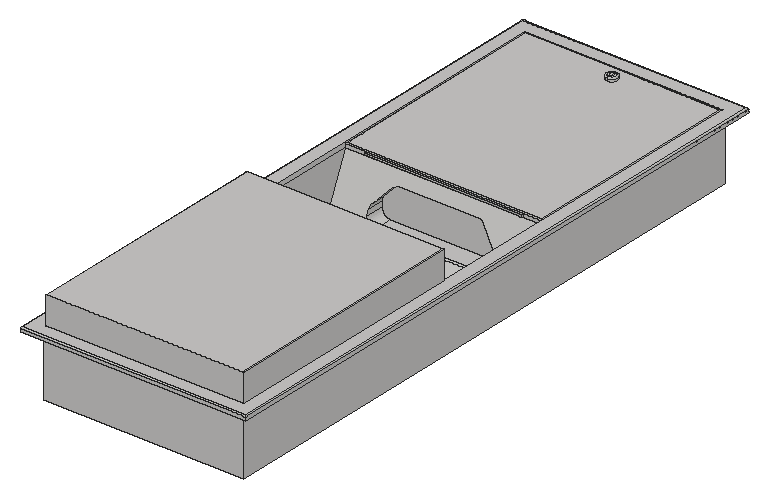
Revit family "PRD_AR_MltFnctnDspnsrs_RODANPaperTowelWasteBinCombination_RODX602_RODX602E", category Specialty Equipment, host Face, Revit 2018
Family settings
  Host = Face
  Round Connector Dimension = Use Diameter
  Part Type = Normal
  OmniClass Number = 23.40.20.21.17
  OmniClass Title = Paper Towel Dispensers, Disposal Units
  Cut with Voids When Loaded = Yes
  Shared = No
  Room Calculation Point = No
Parameters (values of type "RODX602E")
  WarrantyStartDate [instance] = "1900-12-31T23:59:59"
  WarrantyGuarantorParts = "n/a"
  WarrantyGuarantorLabor = "n/a"
  WarrantyDurationUnit = "year"
  WarrantyDurationParts = "n/a"
  WarrantyDurationLabor = "n/a"
  WarrantyDescription = "n/a"
  VoidOffset = 36.00 mm
  Version = "1"
  Uniclass2015Version = "Products v1.10"
  Uniclass2015Title = "Multi-function dispensers"
  Uniclass2015Code = "Pr_40_70_22_52"
  URL = "www.kwc.com"
  TypeOfMounting = "Recessed mounting"
  TypeOfFixing = "Screw"
  TypeOfConsumable2 = "n/a"
  TypeOfConsumable1 = "Paper towel"
  Type = RODX602E : RODX602E
  TagNumber [instance] = "n/a"
  SustainabilityPerformance = "n/a"
  Style = "n/a"
  Size = "408 x 1145 x 169 mm"
  Shape = "n/a"
  SerialNumber [instance] = "n/a"
  Revision = "n/a"
  ReplacementCost = "n/a"
  ProductInformation = "https://pim.kwc.com/product/2000090060/attachment/datasheet?locale=en"
  NominalWidth = 408.00 mm
  NominalHeight = 1145.00 mm
  NominalDepth = 169.00 mm
  NetWeight = 10.60 kg
  Name = "Paper Towel Waste Bin Combination RODX602E"
  NBSTypeID = "n/a"
  NBSReference = "45-35-72/384"
  NBSOfficeMasterTag = "n/a"
  NBSNote = "n/a"
  NBSDescription = "Multi-function dispensers"
  NBSCertification = "n/a"
  ModelReference = "RODX602E"
  ModelOffset = 0.00 mm
  ModelNumber = "2000090060"
  Model = ModelReference  # "RODX602E"
  MaterialThickness = "0.80 mm"
  MaterialCode = "1.4301"
  Material = "stainless steel"
  ManufacturerURL = "www.kwc.com"
  ManufacturerName = "KWC Group AG"  # constant formula
  Manufacturer = ManufacturerName  # "KWC Group AG"
  MainColor = "stainless steel"
  Lock2 = "Key-lock"
  Lock1 = "Key-lock"
  IsBuiltIn = "TRUE"
  IntegralAccessories = "incl. stainless steel screws and dowels"
  InstallationDate [instance] = "1900-12-31T23:59:59"
  IfcExportType = "USERDEFINED"
  IfcExportAs = "IfcFurnitureType"
  GrossWeight = 12.68 kg
  Grade = "n/a"
  Finish = "satin finished"
  FillingQuantity2Uom = "Liter"
  FillingQuantity2 = "23"
  FillingQuantity1Uom = "Pieces"
  FillingQuantity1 = "800"
  Features = "stainless steel, surface satin finished"
  ExpectedLife = "n/a"
  DurationUnit = "year"
  DispenserMaterial = PRD_AR_StainlessSteel_SatinFinished
  Description = "Paper towel dispenser - waste bin combination for recessed mounting, stainless steel, surface satin finished, material thickness 0.8 mm, folded front cover, cylinder lock with KWC standard key, loading capacity 500 - 800 pcs. of paper depending on convolution, waste bin with approx. 23 liter capacity, includes stainless steel screws and dowels."
  Default Elevation = 800.00 mm
  CreateOn = "11/2019"  # constant formula
  Constituents = "n/a"
  CombinationPart2 = "Waste bin"
  CombinationPart1 = "Paper towel dispenser"
  Color = "n/a"
  CodePerformance = "n/a"
  Category = "Pr_40_70_22_52, Multi-function dispensers"
  BarCode [instance] = "n/a"
  BIMObjectName = "PRD_AR_MultiFunctionDispensers_RODANPaperTowelWasteBinCombination_RODX602E"
  Author = "Archispace"  # constant formula
  AssetType = "Fixed"
  AssetIdentifier [instance] = "n/a"
  AccessibilityPerformance = "n/a"
Types (2, lengths in mm): name | VoidOffset | TypeOfMounting | Type | Size | ProductInformation | NominalWidth | NominalHeight | NominalDepth | NetWeight | Name | ModelReference | ModelOffset | ModelNumber | Model | GrossWeight | Description | BIMObjectName
  RODX602 | 150.00 | "Wall mounting" | RODX602 : RODX602 | "411 x 1148 x 171 mm" | "https://pim.kwc.com/product/2000090059/attachment/datasheet?locale=en" | 411.00 | 1148.00 | 171.00 | 14.42 kg | "Paper Towel Waste Bin Combination RODX602" | "RODX602" | 114.00 | "2000090059" | "RODX602" | 16.27 kg | "Paper towel dispenser, waste bin combination for wall mounting, stainless steel, surface satin finished, material thickness 0.8 mm, folded front cover, cylinder lock with KWC standard key, loading capacity 500 - 800 pcs. of paper depending on convolution, waste bin with approx. 23 liter capacity, inclusive stainless steel screws and dowels." | "PRD_AR_MultiFunctionDispensers_RODANPaperTowelWasteBinCombination_RODX602"
  RODX602E | 36.00 | "Recessed mounting" | RODX602E : RODX602E | "408 x 1145 x 169 mm" | "https://pim.kwc.com/product/2000090060/attachment/datasheet?locale=en" | 408.00 | 1145.00 | 169.00 | 10.60 kg | "Paper Towel Waste Bin Combination RODX602E" | "RODX602E" | 0.00 | "2000090060" | "RODX602E" | 12.68 kg | "Paper towel dispenser - waste bin combination for recessed mounting, stainless steel, surface satin finished, material thickness 0.8 mm, folded front cover, cylinder lock with KWC standard key, loading capacity 500 - 800 pcs. of paper depending on convolution, waste bin with approx. 23 liter capacity, includes stainless steel screws and dowels." | "PRD_AR_MultiFunctionDispensers_RODANPaperTowelWasteBinCombination_RODX602E"
Reference planes
  plane 1 "Center (Front/Back)": y = 0
  plane 2: z = 0
  plane 3 "Center (Left/Right)": x = 0
  plane 4: z = 0
  plane 5: z = 0
  plane 6: z = -6
  plane 7: z = -6
  plane 8: z = -150
Forms (mm)
  Extrusion 1, void
    sketch origin (0, 0, 0) x (1, 0, 0) y (0, 1, 0)
      loop
        line (-182.5, 550) -> (-182.5, -550) -> (182.5, -550) -> (182.5, 550) -> (-182.5, 550)
    from -114 to 107.534
Dimensions and locks
  locked: level to plane 6 at 6
  "ModelOffset": plane 7 to plane 6
  locked: level to plane 8 at 150
  "VoidOffset": Extrusion 1 to plane 8
  aligned and locked: plane 2 to host face
  aligned and locked: level to host face
Automatic sketch dimensions
  host sketch curve to host sketch curve = 1514.367 mm
  host sketch curve to host sketch curve = 1849.889 mm
  Extrusion 1 sketch curve to plane 3 "Center (Left/Right)" = 182.50 mm
  plane 3 "Center (Left/Right)" to Extrusion 1 sketch curve = 182.50 mm
  plane 1 "Center (Front/Back)" to Extrusion 1 sketch curve = 550.00 mm
  Extrusion 1 sketch curve to plane 1 "Center (Front/Back)" = 550.00 mm
Nested families
  nested 1: "RODX602E" at (0, 0, -6), type <- "Type", type "RODX602E"
Definition of nested family "RODX602E"
  Parameters (values of type "RODX617E")
    Default Elevation = 1219.20 mm
    DispenserMaterial = none
  Reference planes
    plane 1 "Środek (Przód/Tył)": y = 0
    plane 2: z = 0
    plane 3 "Środek (Lewa/Prawa)": x = 0
  Forms (mm)
    Extrusion 1, solid, material <- "DispenserMaterial", detail levels fine
      sketch origin (0, 0, 0) x (1, 0, 0) y (0, 1, 0)
        loop
          line (-206.5, 574) -> (-206.5, -574) -> (206.5, -574) -> (206.5, 574) -> (-206.5, 574)
      from 6 to 14
    Sweep 2, void
      path in 3D
        loop
          line (-206.5, -574, 14) -> (206.5, -574, 14) -> (206.5, 574, 14) -> (-206.5, 574, 14) -> (-206.5, -574, 14)
      profile origin (-206.5, 0, 14) x (1, 0, 0) y (0, 0, 1)
        loop
          line (0, 0) -> (0, -2.5)
          arc (0, -2.5) -> (0.732, -0.732) -> (2.5, 0) r 2.5
          line (2.5, 0) -> (0, 0)
    Extrusion 3, void
      sketch origin (0, 0, 0) x (1, 0, 0) y (0, 1, 0)
        loop
          line (-180.5, 547.5) -> (-180.5, -547.5) -> (180.5, -547.5) -> (180.5, 547.5) -> (-180.5, 547.5)
      from -101.583 to 17.98
    Extrusion 4, solid, material <- "DispenserMaterial", detail levels fine
      sketch origin (0, 0, 0) x (1, 0, 0) y (0, 0, 1)
        loop
          arc (-178.5, 65) -> (-179.914, 64.414) -> (-180.5, 63) r 2
          line (-180.5, 63) -> (-180.5, -101.583) -> (180.5, -101.583) -> (180.5, 63)
          arc (180.5, 63) -> (179.914, 64.414) -> (178.5, 65) r 2
          line (178.5, 65) -> (-178.5, 65)
      from 89.5 to 547.5
    Extrusion 5, solid, material <- "DispenserMaterial", detail levels fine
      sketch origin (0, 0, 0) x (0, -1, 0) y (0, 0, -1)
        loop
          arc (-91.304, 101.583) -> (-94.075, 99.731) -> (-93.425, 96.462) r 3
          line (-93.425, 96.462) -> (-36.552, 39.589)
          arc (-36.552, 39.589) -> (-34.324, 38.884) -> (-32.266, 39.992) r 3
          line (-32.266, 39.992) -> (9.898, 92.462)
          arc (9.898, 92.462) -> (10.939, 93.288) -> (12.236, 93.583) r 3
          line (12.236, 93.583) -> (85.5, 93.583) -> (85.5, 101.583) -> (-91.304, 101.583)
      from -180.5 to 180.5
    Revolve 6, solid, material <- "DispenserMaterial", detail levels fine
      sketch origin (-0.02, -570.77, -107.583) x (0, 1, 0) y (0, 0, 1)
        loop
          line (508.475, 14) -> (508.475, 16.65)
          arc (508.475, 16.65) -> (507.889, 18.064) -> (506.475, 18.65) r 2
          line (506.475, 18.65) -> (504.716, 18.65)
          arc (504.716, 18.65) -> (504.35, 19.016) -> (503.85, 19.15) r 1
          line (503.85, 19.15) -> (498.5, 19.15) -> (498.5, 14) -> (508.475, 14)
        axis (498.5, 19.15) -> (498.5, 14)
      angle from 0 to 360
    Revolve 7, solid, material <- "DispenserMaterial", detail levels medium
      sketch origin (-0.02, -570.77, -107.583) x (0, 1, 0) y (0, 0, 1)
        loop
          line (508.475, 14) -> (508.475, 19.15) -> (498.5, 19.15) -> (498.5, 14) -> (508.475, 14)
        axis (498.5, 19.15) -> (498.5, 14)
      angle from 0 to 360
    Extrusion 8, solid, material <- "DispenserMaterial", detail levels fine
      sketch origin (0, 0, -1.102) x (0, 1, 0) y (0, 0, 1)
        loop
          line (550, 7.102) -> (-550, 7.102) -> (-550, -106.898) -> (550, -106.898) -> (550, 7.102)
      from -182.5 to 182.5
    Extrusion 9, void
      sketch origin (0, 0, 0) x (1, 0, 0) y (0, 0, 1)
        loop
          line (-147.15, -76.295) -> (50.863, -76.295)
          arc (50.863, -76.295) -> (60.758, -72.196) -> (64.856, -62.301) r 13.994
          line (64.856, -62.301) -> (64.856, -45.388)
          arc (64.856, -45.388) -> (63.919, -41.162) -> (61.284, -37.728) r 10
          line (61.284, -37.728) -> (33.854, -14.711)
          arc (33.854, -14.711) -> (26.891, -10.691) -> (18.972, -9.295) r 23.152
          line (18.972, -9.295) -> (-48.144, -9.295) -> (-115.26, -9.295)
          arc (-115.26, -9.295) -> (-123.178, -10.691) -> (-130.141, -14.711) r 23.152
          line (-130.141, -14.711) -> (-157.572, -37.728)
          arc (-157.572, -37.728) -> (-160.207, -41.162) -> (-161.144, -45.388) r 10
          line (-161.144, -45.388) -> (-161.144, -62.301)
          arc (-161.144, -62.301) -> (-157.045, -72.196) -> (-147.15, -76.295) r 13.994
      from -199.995 to -175.5
    Revolve 10, solid, material <- "DispenserMaterial", detail levels medium
      sketch origin (-0.02, 21.672, 1) x (0, 1, 0) y (0, 0, 1)
        loop
          line (508.475, 13) -> (508.475, 19.15) -> (498.5, 19.15) -> (498.5, 13) -> (508.475, 13)
        axis (498.5, 19.15) -> (498.5, 13)
      angle from 0 to 360
    Revolve 11, solid, material <- "DispenserMaterial", detail levels fine
      sketch origin (-0.02, 21.672, 1) x (0, 1, 0) y (0, 0, 1)
        loop
          line (508.475, 12.999) -> (508.475, 16.65)
          arc (508.475, 16.65) -> (507.889, 18.064) -> (506.475, 18.65) r 2
          line (506.475, 18.65) -> (504.716, 18.65)
          arc (504.716, 18.65) -> (504.35, 19.016) -> (503.85, 19.15) r 1
          line (503.85, 19.15) -> (498.5, 19.15) -> (498.5, 12.999) -> (508.475, 12.999)
        axis (498.5, 19.15) -> (498.5, 12.999)
      angle from 0 to 360
    Extrusion 12, solid, material <- "DispenserMaterial", detail levels fine
      sketch origin (0, -4, 0) x (1, 0, 0) y (0, 1, 0)
        loop
          line (-179.729, 139.827) -> (179.729, 139.827) -> (179.729, 551.5) -> (-179.729, 551.5) -> (-179.729, 139.827)
      from 6 to 14
    Sweep 13, void
      path in 3D
        loop
          line (-179.729, 135.827, 14) -> (179.729, 135.827, 14) -> (179.729, 547.5, 14) -> (-179.729, 547.5, 14) -> (-179.729, 135.827, 14)
      profile origin (-179.729, 341.663, 14) x (1, 0, 0) y (0, 0, 1)
        loop
          line (0, 0) -> (0, -2)
          arc (0, -2) -> (0.586, -0.586) -> (2, 0) r 2
          line (2, 0) -> (0, 0)
    Extrusion 14, solid, material <- "DispenserMaterial", detail levels fine
      sketch origin (0, -4, -15) x (1, 0, 0) y (0, 1, 0)
        loop
          line (-179.729, 139.827) -> (179.729, 139.827) -> (179.729, 551.5) -> (-179.729, 551.5) -> (-179.729, 139.827)
      from -86.583 to 21
    Extrusion 15, solid, material <- "DispenserMaterial", detail levels fine
      sketch origin (0, 0, 0) x (0, 1, 0) y (0, 0, 1)
        loop
          line (135.827, 6) -> (135.827, 9.699)
          arc (135.827, 9.699) -> (133.977, 7.85) -> (135.827, 6) r 1.85
      from -143.75 to 143.75
    Sweep 16, void
      path in 3D
        loop
          line (179.729, 135.827, 6) -> (179.729, 547.5, 6) -> (-179.729, 547.5, 6) -> (-179.729, 135.827, 6)
      profile origin (-179.729, 341.663, 6) x (1, 0, 0) y (0, 0, 1)
        loop
          line (0, 0) -> (0, -2)
          arc (0, -2) -> (0.586, -0.586) -> (2, 0) r 2
          line (2, 0) -> (0, 0)
    Extrusion 17, void
      sketch origin (-15, 0, -35) x (1, 0, 0) y (0, 0, 1)
        loop
          arc (-93.97, -13.37) -> (-96.956, -18.103) -> (-98, -23.6) r 15
          line (-98, -23.6) -> (-98, -33.25)
          arc (-98, -33.25) -> (-93.607, -43.857) -> (-83, -48.25) r 15
          line (-83, -48.25) -> (113, -48.25)
          arc (113, -48.25) -> (123.607, -43.857) -> (128, -33.25) r 15
          line (128, -33.25) -> (128, -23.6)
          arc (128, -23.6) -> (126.956, -18.103) -> (123.97, -13.37) r 15
          line (123.97, -13.37) -> (98.559, 13.88)
          arc (98.559, 13.88) -> (93.57, 17.406) -> (87.589, 18.65) r 15
          line (87.589, 18.65) -> (-57.589, 18.65)
          arc (-57.589, 18.65) -> (-63.57, 17.406) -> (-68.559, 13.88) r 15
          line (-68.559, 13.88) -> (-93.97, -13.37)
      from -135.827 to -52.756
    Extrusion 18, void
      sketch origin (0, 0, 0) x (0, 1, 0) y (0, 0, 1)
        loop
          line (-89.5, 62.7) -> (-545.5, 62.7) -> (-545.5, -97.844) -> (-89.5, -97.844) -> (-89.5, 62.7)
      from -178.5 to 178.5
    Extrusion 19, solid, material <- "DispenserMaterial", detail levels fine
      sketch origin (0, 0, 0) x (1, 0, 0) y (0, 1, 0)
        loop
          line (-178.5, -89.5) -> (-178.5, -108.5)
          arc (-178.5, -108.5) -> (-177.086, -107.914) -> (-176.5, -106.5) r 2
          line (-176.5, -106.5) -> (-176.5, -91.5)
          arc (-176.5, -91.5) -> (-177.086, -90.086) -> (-178.5, -89.5) r 2
        loop
          arc (178.5, -89.5) -> (177.086, -90.086) -> (176.5, -91.5) r 2
          line (176.5, -91.5) -> (176.5, -106.5)
          arc (176.5, -106.5) -> (177.086, -107.914) -> (178.5, -108.5) r 2
          line (178.5, -108.5) -> (178.5, -89.5)
      from -97.844 to 62.7
    Extrusion 20, solid, material <- "DispenserMaterial", detail levels fine
      sketch origin (0, 0, 0) x (0, 1, 0) y (0, 0, 1)
        loop
          line (-91.8, 62.7) -> (-91.8, 60.4)
          arc (-91.8, 60.4) -> (-90.174, 61.074) -> (-89.5, 62.7) r 2.3
          line (-89.5, 62.7) -> (-91.8, 62.7)
      from -176.5 to 176.5
    Extrusion 21, solid, material <- "DispenserMaterial", detail levels medium
      sketch origin (0, 0, 0) x (1, 0, 0) y (0, 1, 0)
        loop
          line (-206.5, 574) -> (-206.5, -574) -> (206.5, -574) -> (206.5, 574) -> (-206.5, 574)
      from 6 to 14
    Extrusion 22, solid, material <- "DispenserMaterial", detail levels medium
      sketch origin (0, 0, 0) x (1, 0, 0) y (0, 0, 1)
        loop
          arc (-178.5, 65) -> (-179.914, 64.414) -> (-180.5, 63) r 2
          line (-180.5, 63) -> (-180.5, -101.583) -> (180.5, -101.583) -> (180.5, 63)
          arc (180.5, 63) -> (179.914, 64.414) -> (178.5, 65) r 2
          line (178.5, 65) -> (-178.5, 65)
      from 89.5 to 547.5
    Extrusion 23, solid, material <- "DispenserMaterial", detail levels medium
      sketch origin (0, 0, -1.102) x (0, 1, 0) y (0, 0, 1)
        loop
          line (550, 7.102) -> (-550, 7.102) -> (-550, -106.898) -> (550, -106.898) -> (550, 7.102)
      from -182.5 to 182.5
    Extrusion 24, solid, material <- "DispenserMaterial", detail levels medium
      sketch origin (0, -4, 0) x (1, 0, 0) y (0, 1, 0)
        loop
          line (-179.729, 139.827) -> (179.729, 139.827) -> (179.729, 551.5) -> (-179.729, 551.5) -> (-179.729, 139.827)
      from 6 to 13.999
    Extrusion 25, solid, material <- "DispenserMaterial", detail levels coarse
      sketch origin (0, 0, 0) x (1, 0, 0) y (0, 1, 0)
        loop
          line (-206.5, 574) -> (-206.5, -574) -> (206.5, -574) -> (206.5, 574) -> (-206.5, 574)
      from 6 to 14
    Extrusion 26, solid, material <- "DispenserMaterial", detail levels coarse
      sketch origin (0, 0, 0) x (1, 0, 0) y (0, 0, 1)
        loop
          line (-180.5, 65) -> (-180.5, 14) -> (180.5, 14) -> (180.5, 65) -> (-180.5, 65)
      from 89.5 to 547.5
    Extrusion 27, solid, material <- "DispenserMaterial", detail levels coarse
      sketch origin (0, 0, -1.102) x (0, 1, 0) y (0, 0, 1)
        loop
          line (550, 7.102) -> (-550, 7.102) -> (-550, -106.898) -> (550, -106.898) -> (550, 7.102)
      from -182.5 to 182.5
    Extrusion 28, solid, material <- "DispenserMaterial", detail levels medium
      sketch origin (0, -4, -15) x (1, 0, 0) y (0, 1, 0)
        loop
          line (-179.729, 139.827) -> (179.729, 139.827) -> (179.729, 551.5) -> (-179.729, 551.5) -> (-179.729, 139.827)
      from -86.583 to 21
    Extrusion 29, solid, material <- "DispenserMaterial", detail levels medium
      sketch origin (1100, 0, 0) x (0, -1, 0) y (0, 0, -1)
        loop
          line (-98.202, 101.583) -> (-34.202, 37.583) -> (10.798, 93.583) -> (85.5, 93.583) -> (85.5, 101.583) -> (-98.202, 101.583)
      from -1279.729 to -919.5
    Extrusion 30, void
      sketch origin (-1100, 0, 0) x (1, 0, 0) y (0, 1, 0)
        loop
          line (920.271, 547.5) -> (920.271, -547.5) -> (1280.5, -547.5) -> (1280.5, 547.5) -> (920.271, 547.5)
      from -101.583 to 14
    Extrusion 31, solid, material <- "DispenserMaterial", detail levels fine
      sketch origin (0, 0, 0) x (0, 1, 0) y (0, 0, 1)
        loop
          line (98.6, -76.583) -> (98.6, -101.583) -> (135.827, -101.583) -> (135.827, 6) -> (98.6, -76.583)
      from -180.5 to 180.5
    Extrusion 32, solid, material <- "DispenserMaterial", detail levels medium
      sketch origin (0, 0, 0) x (0, 1, 0) y (0, 0, 1)
        loop
          line (98.6, -76.583) -> (98.6, -101.583) -> (135.827, -101.583) -> (135.827, 6) -> (98.6, -76.583)
      from -180.5 to 180.5
  Cuts and joins
    joined: Extrusion 5, Revolve 6
    Extrusion 18 cuts Extrusion 4
    Extrusion 3, Extrusion 9 cuts Extrusion 8
    Sweep 13 cuts Extrusion 12
    joined: Extrusion 4, Extrusion 8, Revolve 11, Extrusion 12, Extrusion 19, Extrusion 20
    Sweep 2, Extrusion 3 cuts Extrusion 1
    Sweep 16 cuts Extrusion 14
    Extrusion 30 cuts Extrusion 21
    Extrusion 30 cuts Extrusion 23
    Extrusion 17 cuts Extrusion 31
  Lines and regions (mm)
    sketch lines
      curve 1: line (-206.5, 574, 14) -> (-206.5, -574, 14)
      curve 2: line (206.5, 574, 14) -> (-206.5, 574, 14)
      curve 3: line (206.5, -574, 14) -> (206.5, 574, 14)
      curve 4: line (-206.5, -574, 14) -> (206.5, -574, 14)
      curve 5: line (-179.729, 547.5, 14) -> (-179.729, 135.827, 14)
      curve 6: line (-179.729, 135.827, 14) -> (179.729, 135.827, 14)
      curve 7: line (179.729, 135.827, 14) -> (179.729, 547.5, 14)
      curve 8: line (179.729, 547.5, 14) -> (-179.729, 547.5, 14)
      curve 9: line (-179.729, 547.5, 6) -> (-179.729, 135.827, 6)
      curve 10: line (179.729, 547.5, 6) -> (-179.729, 547.5, 6)
      curve 11: line (179.729, 135.827, 6) -> (179.729, 547.5, 6)
  Dimensions and locks
    aligned and locked: level to plane 2
